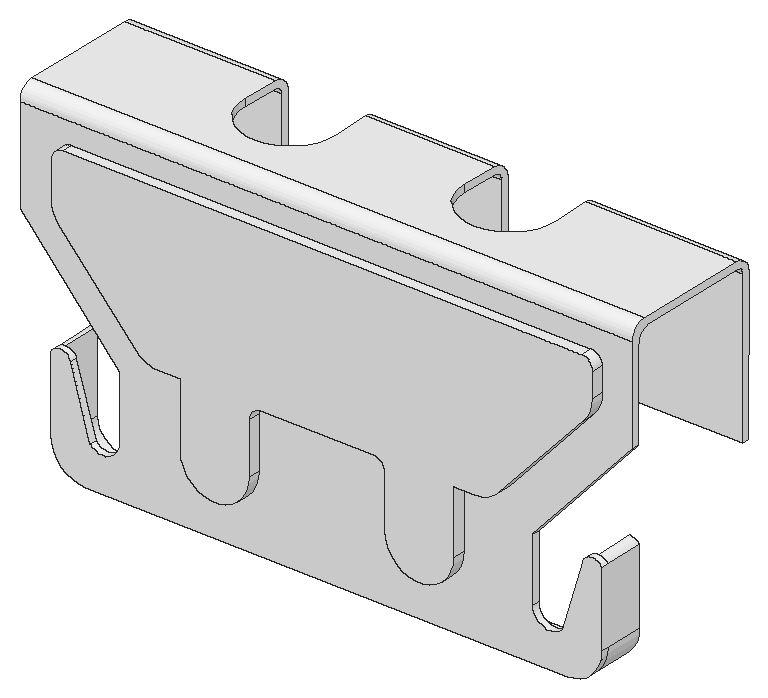
Revit family "wclip_19", category 機械設備, Revit 2022
Family settings
  丸型コネクタ寸法 = 直径を使用
  種別 = なし
  パーツ タイプ = 標準
  作業面ベース = いいえ
  常に垂直 = はい
  ロード時にボイドで切り取り = いいえ
  注釈の向きを維持 = いいえ
  共有 = いいえ
  部屋計算ポイント = いいえ
Parameters
  製造元 = "株式会社桐井製作所"
  既定の高さ = 0 mm
  URL = "https://www.kirii.co.jp/"
  K_品名 = "特殊19mmWクリップ"
  K_名称 = "特殊クリップ"
  K_入数 = "1000"
  K_バージョン情報 = "20211012"
Reference planes
  plane 1 "中心(正面/背面)": y = 0
  plane 2: z = 0
  plane 3 "中心(左/右)": x = 0
Forms (mm)
  Extrusion 1, solid
    sketch origin (0, 30, 0) x (0, 1, 0) y (0, 0, 1)
      loop
        line (-30, 0) -> (-29.4, -0.6) -> (-29.4, 27.35)
        arc (-29.4, 27.35) -> (-29.034, 28.234) -> (-28.15, 28.6) r 1.25
        line (-28.15, 28.6) -> (-18.75, 28.6)
        arc (-18.75, 28.6) -> (-18.29, 28.41) -> (-18.1, 27.95) r 0.65
        line (-18.1, 27.95) -> (-18.1, 14.25) -> (-17.5, 14.85) -> (-17.5, 27.95)
        arc (-17.5, 27.95) -> (-17.866, 28.834) -> (-18.75, 29.2) r 1.25
        line (-18.75, 29.2) -> (-28.75, 29.2)
        arc (-28.75, 29.2) -> (-29.634, 28.834) -> (-30, 27.95) r 1.25
        line (-30, 27.95) -> (-30, 0)
    from -26.5 to 26.5
  Extrusion 2, void
    sketch origin (0, -0.6, -0.8) x (0, 1, 0) y (0, 0, 1)
      loop
        line (0.387, 0.8) -> (0.387, -0.064) -> (1.428, -0.064) -> (1.428, 0.8) -> (0.387, 0.8)
    from -26.5 to 26.5
  Extrusion 3, solid
    sketch origin (0, 0, 0) x (1, 0, 0) y (0, 0, 1)
      loop
        arc (-23.85, 3) -> (-22.971, 0.879) -> (-20.85, 0) r 3
        line (-20.85, 0) -> (20.85, 0)
        arc (20.85, 0) -> (22.971, 0.879) -> (23.85, 3) r 3
        line (23.85, 3) -> (23.85, 9.5)
        arc (23.85, 9.5) -> (23.51, 9.833) -> (23.05, 9.957) r 0.94
        line (23.05, 9.957) -> (23.05, 3)
        arc (23.05, 3) -> (22.406, 1.444) -> (20.85, 0.8) r 2.2
        line (20.85, 0.8) -> (-20.85, 0.8)
        arc (-20.85, 0.8) -> (-22.406, 1.444) -> (-23.05, 3) r 2.2
        line (-23.05, 3) -> (-23.05, 9.957)
        arc (-23.05, 9.957) -> (-23.51, 9.833) -> (-23.85, 9.5) r 0.94
        line (-23.85, 9.5) -> (-23.85, 3)
    from -4 to 0
  Extrusion 4, void
    sketch origin (0, -4.1, -4.895) x (0, 1, 0) y (0, 0, 1)
      loop
        line (15.756, 19.753) -> (15.756, 18.957) -> (16.879, 18.957) -> (16.879, 19.753) -> (15.756, 19.753)
    from -26.5 to 26.5
  Extrusion 5, void
    sketch origin (0, 0, 0) x (1, 0, 0) y (0, 1, 0)
      loop
        line (-13.356, 12.5) -> (-13.5, 8.028)
        arc (-13.5, 8.028) -> (-9.514, 4) -> (-5.5, 8) r 4
        line (-5.5, 8) -> (-5.644, 12.5) -> (-13.356, 12.5)
      loop
        arc (5.5, 8) -> (9.5, 4) -> (13.5, 8) r 4
        line (13.5, 8) -> (13.356, 12.5) -> (5.645, 12.5) -> (5.5, 8)
    from 14.03 to 29.2
  Extrusion 6, void
    sketch origin (0, 0, 0) x (1, 0, 0) y (0, 0, 1)
      loop
        line (-17.85, 10) -> (-26.5, 19.6) -> (-26.5, 0) -> (-20.85, 0)
        arc (-20.85, 0) -> (-22.971, 0.879) -> (-23.85, 3) r 3
        line (-23.85, 3) -> (-23.85, 9.5)
        arc (-23.85, 9.5) -> (-22.923, 9.949) -> (-22.141, 9.278) r 0.94
        line (-22.141, 9.278) -> (-20.468, 3.5)
        arc (-20.468, 3.5) -> (-18.815, 3.099) -> (-17.85, 4.5) r 1.5
        line (-17.85, 4.5) -> (-17.85, 10)
      loop
        line (17.85, 10) -> (17.85, 4.5)
        arc (17.85, 4.5) -> (18.815, 3.099) -> (20.468, 3.5) r 1.5
        line (20.468, 3.5) -> (22.141, 9.278)
        arc (22.141, 9.278) -> (22.923, 9.949) -> (23.85, 9.5) r 0.94
        line (23.85, 9.5) -> (23.85, 3)
        arc (23.85, 3) -> (22.971, 0.879) -> (20.85, 0) r 3
        line (20.85, 0) -> (26.5, 0) -> (26.5, 19.6) -> (17.85, 10)
    from -0.6 to 0.2
  Extrusion 7, solid
    sketch origin (0, 0, 0) x (1, 0, 0) y (0, 0, 1)
      loop
        line (22.85, 26.1) -> (-22, 26.1)
        arc (-22, 26.1) -> (-22.707, 25.807) -> (-23, 25.1) r 1
        line (-23, 25.1) -> (-23, 22.096)
        arc (-23, 22.096) -> (-22.801, 21.021) -> (-22.229, 20.088) r 3
        line (-22.229, 20.088) -> (-15.835, 12.992)
        arc (-15.835, 12.992) -> (-14.826, 12.259) -> (-13.606, 12) r 3
        line (-13.606, 12) -> (-11.85, 12) -> (-11.85, 6.5)
        arc (-11.85, 6.5) -> (-8.85, 3.5) -> (-5.85, 6.5) r 3
        line (-5.85, 6.5) -> (-5.85, 11)
        arc (-5.85, 11) -> (-5.557, 11.707) -> (-4.85, 12) r 1
        line (-4.85, 12) -> (4.85, 12)
        arc (4.85, 12) -> (5.557, 11.707) -> (5.85, 11) r 1
        line (5.85, 11) -> (5.85, 6.5)
        arc (5.85, 6.5) -> (8.85, 3.5) -> (11.85, 6.5) r 3
        line (11.85, 6.5) -> (11.85, 12) -> (13.606, 12)
        arc (13.606, 12) -> (14.826, 12.259) -> (15.835, 12.992) r 3
        line (15.835, 12.992) -> (23.079, 21.032)
        arc (23.079, 21.032) -> (23.651, 21.964) -> (23.85, 23.04) r 3
        line (23.85, 23.04) -> (23.85, 25.1)
        arc (23.85, 25.1) -> (23.557, 25.807) -> (22.85, 26.1) r 1
    from 0 to 1
Cuts and joins
  Extrusion 2, Extrusion 4, Extrusion 5, Extrusion 6 cuts Extrusion 1
  joined: Extrusion 1, Extrusion 3, Extrusion 7
Dimensions and locks
  aligned and locked: level to plane 2
